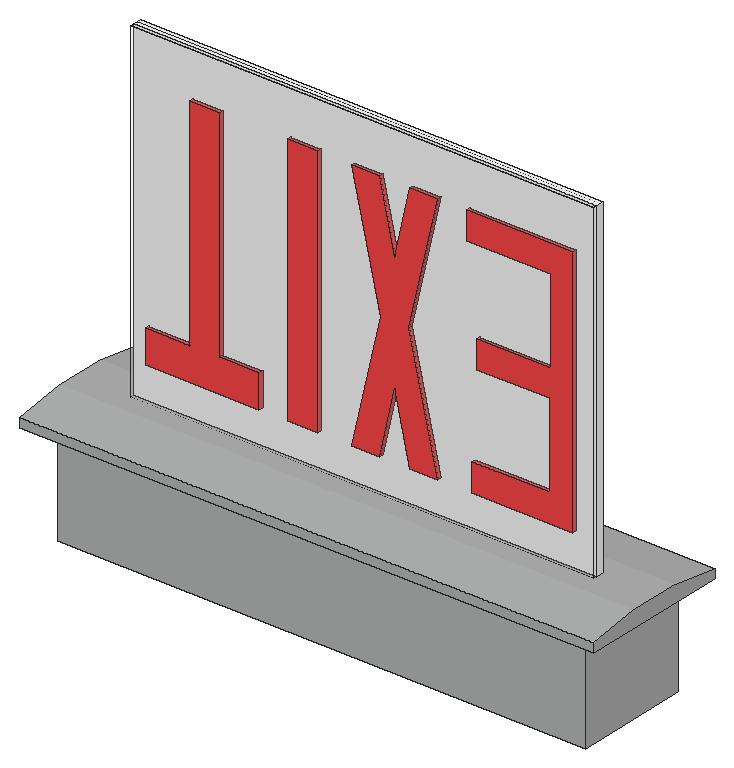
Revit family "CCEL", category Lighting Fixtures, host Face, Revit 2021
Family settings
  Host = Face
  Round Connector Dimension = Use Diameter
  Part Type = Normal
  OmniClass Number = 23.80.70.11.21
  OmniClass Title = Emergency Lighting
  Cut with Voids When Loaded = No
  Light Source = No
  Shared = No
  Room Calculation Point = No
Parameters (values of type "CCELRWA-NP")
  zz Length 1 [instance] = if([EXIT-Single Face], 0.200", 0.250")  # 0.200"
  Watts = 3.72 W
  Wattage Comments = "3.72 W"
  Warranty = "Fixture: 5 Years Full; Battery: 2 Years Full, 8 Years Pro-Rata"  # constant formula
  Wall Plate Material = Paint -  White Texture
  Voltage [instance] = if(Is 120VAC, 120 V, 277 V)  # 120 V
  URL = "https://www.currentlighting.com/dual-lite"
  Type Comments = "Exit Light"  # constant formula
  Surface = no
  STAIRS-Single Face = no
  STAIRS-Double Face = no
  Product Page URL = ""
  Product Documentation Link = ""
  EXIT-Single Face = yes
  Recessed = yes
  Model = "LED"  # constant formula
  Manufacturer = "DUAL-LITE"  # constant formula
  Load Classification = Lighting
  Lens = Red Glass
  Length = 0.450"
  Lamp = "LED Lamp"  # constant formula
  LED = End : C1
  Is 277VAC [instance] = not(Is 120VAC)  # no
  Is 120VAC [instance] = yes
  Holder Material = Paint -  White Texture
  Glass Length = 12.688"
  Glass = light Glass
  Finish = White
  Features = "Quick installation\r\n• Dual 120/277VAC input\r\n• Includes long-life 4.8VDC Nickel Cadmium battery\r\n• Full re-charge within 24 hours\r\n• AC-on and test switch\r\n• Fully automatic two-stage charger\r\n• Surface or Recessed models with STAIRS or EXIT"  # constant formula
  EXIT-Double Face = no
  Description = "The CCEL Series offers bright, even and highly reliable LED illumination with direction configurable STAIRS or EXIT acrylic panels. The surface mount housing is made of extruded aluminum and the recessed in 20 gage steel with satin aluminum or white finish. The surface mount design can be top, end or ceiling mounted by use of a supplied canopy. The recessed design can be ceiling or wall mounted by selection and includes a back-box."  # constant formula
  Default Elevation = 48.000"
  Certification = "UL 924 Listed\r\nNFPA 101 Life Safety Code\r\nCEC T20 Compliant"  # constant formula
  Application = "Conditional Space, Damp Location"  # constant formula
  Apparent Load = Watts  # 3.72 VA
Types (4): name | zz Length 1 | Surface | STAIRS-Single Face | EXIT-Single Face | Recessed | Length | Glass Length
  CCELRWA-NP | 0.200" | no | no | yes | yes | 0.450" | 12.688"
  CCELSWA-NP | 0.200" | yes | no | yes | no | 3.930" | 12.625"
  CCELSWA-NPS | 0.250" | yes | yes | no | no | 3.930" | 12.688"
  CCELRWA-NPS | 0.250" | no | yes | no | yes | 0.450" | 12.688"
Reference planes (in)
  plane 1 "Center (Front/Back)": y = 0
  plane 2: z = 0
  plane 3 "Center (Left/Right)": x = 0
  plane 4: y = -2.063
  plane 5: y = 2.063
  plane 6: y = -1.625
  plane 7: y = 1.625
  plane 8: x = -7.25
  plane 9: x = 7.25
  plane 10: x = -7.875
  plane 11: x = 7.875
  plane 12: z = 12.5
  plane 13: z = 0.45
Forms (in)
  Extrusion 1, solid, material "Paint -  White Texture" <- "Holder Material", visible <- "Recessed"
    sketch origin (-0.33698, -0.52448, 0) x (0, 1, 0) y (0, 0, 1)
      loop
        line (-1.03802, 0) -> (-1.03802, -2.78125) -> (2.10068, -2.78125) -> (2.10068, 0) -> (-1.03802, 0)
    from -6.91302 to 7.58698
  Extrusion 2, solid, material "Paint -  White Texture" <- "Holder Material", visible <- "Recessed"
    sketch origin (0, 0, 0) x (0, 1, 0) y (0, 0, 1)
      loop
        line (2.063, 0) -> (2.063, 0.25)
        arc (2.063, 0.25) -> (0, 0.49111) -> (-2.063, 0.25) r 8.94641
        line (-2.063, 0.25) -> (-2.063, 0) -> (2.063, 0)
    from -7.875 to 7.875
Dimensions and locks (in)
  "Length": plane 13 to plane 2
  plane 11 to plane 10 = 15.750"
  plane 9 to plane 8 = 14.500"
  plane 12 to plane 2 = 12.500"
  aligned and locked: plane 2 to host face
  aligned and locked: level to host face
  aligned and locked: nested 1 to plane 13
Automatic sketch dimensions
  host sketch curve to host sketch curve = 96.000"  (x2)
  Extrusion 1 sketch curve to level = 0.000"
  Extrusion 1 sketch curve to plane 6 = 0.0625"
  plane 7 to Extrusion 1 sketch curve = 0.0488"
  Extrusion 1 sketch curve to level = 2.78125"
  Extrusion 2 sketch curve to level = 0.000"
  Extrusion 2 sketch curve to plane 4 = 0.000"
  Extrusion 2 sketch curve to plane 1 "Center (Front/Back)" = 0.000"
  Extrusion 2 sketch curve to plane 5 = 0.000"
  Extrusion 2 sketch curve to level = 8.4553"
  Extrusion 2 sketch curve to Extrusion 2 sketch curve = 0.250"
Nested families (in)
  nested 1: "End" at (0, 0.0475, 0.45), type <- "LED", type "C1"
  nested 2: "Family1" at (-0.03575, 0.05055, 0) x (0, 1, 0) z (0, 0, 1), visible <- "Surface", type "Family1"
Connectors (in)
  electrical at (-0.33698, -0.33698, 0), driven by "Voltage", driven by "Apparent Load"
    settings: on Extrusion 1, index 1, voltage 120 V, apparent load 3.72 VA, apparent load phase1 0 VA, apparent load phase2 0 VA, apparent load phase3 0 VA, power factor 1, load classification "Other", number of poles 1, system type 30, power factor state 1, is connector primary yes, connector utility no, sub classification motor no, connector description "Lighting Connector"
Definition of nested family "End"
  Parameters
    Width = 0.438"
    Stair-Single Face = yes
    Stair- Double Face = no
    Single Face = yes
    Lens = none
    Length = 12.688"
    Glass = none
    Finish = none
    Double Face = no
    Default Elevation = 0.000"
  Reference planes (in)
    plane 1 "Center (Front/Back)": y = 0
    plane 2: z = 0
    plane 3 "Center (Left/Right)": x = 0
    plane 4: x = -6.344
    plane 5: x = 6.344
    plane 6: z = 9.125
    plane 7: y = 0.219
    plane 8: y = -0.219
    plane 9: y = -1.555
    plane 10: y = 1.555
    plane 11: y = 0.11
    plane 12: y = -0.11
  Forms (in)
    Extrusion 1, solid, material <- "Lens", visible <- "Single Face"
      sketch origin (0.42375, 0.02507, 0.36042) x (1, 0, 0) y (0, 0, 1)
        loop
          line (2.44401, 7.4803) -> (2.44401, 6.73013) -> (4.74153, 6.73013) -> (4.74153, 4.40538) -> (2.71474, 4.40538) -> (2.71474, 3.64754) -> (4.7182, 3.67524) -> (4.7182, 1.35469) -> (2.59077, 1.35469) -> (2.59077, 0.58117) -> (5.33701, 0.58117) -> (5.33701, 7.4803) -> (2.44401, 7.4803)
        loop
          line (0.84167, 4.03139) -> (1.63791, 7.4803) -> (0.89029, 7.4803) -> (0.46785, 5.65055) -> (0.04542, 7.4803) -> (-0.7022, 7.4803) -> (0.09404, 4.03139) -> (-0.7022, 0.58248) -> (0.04542, 0.58248) -> (0.46785, 2.41223) -> (0.89029, 0.58248) -> (1.63791, 0.58248) -> (0.84167, 4.03139)
        loop
          line (-2.46881, 7.49948) -> (-2.46881, 0.58248) -> (-1.64007, 0.58248) -> (-1.64007, 7.49948) -> (-2.46881, 7.49948)
        loop
          line (-3.24992, 0.58248) -> (-3.24992, 1.48783) -> (-4.32951, 1.48783) -> (-4.32951, 7.49948) -> (-5.15825, 7.49948) -> (-5.15825, 1.48783) -> (-6.35856, 1.48783) -> (-6.35856, 0.58248) -> (-3.24992, 0.58248)
      from 0.13507 to 0.24407
    Extrusion 2, solid, material <- "Glass", visible <- "Single Face"
      sketch origin (0.42375, 0.02507, 8.5275) x (-1, 0, 0) y (0, 0, -1)
        loop
          line (-5.92025, 8.5275) -> (-5.92025, -0.5975) -> (6.76775, -0.5975) -> (6.76775, 8.5275) -> (-5.92025, 8.5275)
      from 0.02507 to 0.24407
    Extrusion 3, solid, material <- "Lens", visible <- "Double Face"
      sketch origin (0.42375, 0.02507, 7.9025) x (-1, 0, 0) y (0, 0, 1)
        loop
          line (3.37335, -6.9596) -> (6.27385, -6.9596) -> (6.27385, -0.04259) -> (3.21029, -0.04259) -> (3.21029, -0.81811) -> (5.65343, -0.81811) -> (5.65343, -3.14682) -> (3.33458, -3.11476) -> (3.33458, -3.87671) -> (5.67683, -3.87671) -> (5.67683, -6.20748) -> (3.37335, -6.20748) -> (3.37335, -6.9596)
        loop
          line (2.31123, -6.95829) -> (1.50966, -3.4863) -> (2.31123, -0.01431) -> (1.52879, -0.01431) -> (1.14591, -1.67275) -> (0.76303, -0.01431) -> (-0.01941, -0.01431) -> (0.78216, -3.4863) -> (-0.01941, -6.95829) -> (0.76303, -6.95829) -> (1.14591, -5.29985) -> (1.52879, -6.95829) -> (2.31123, -6.95829)
        loop
          line (-1.97945, -6.97883) -> (-1.14856, -6.97883) -> (-1.14856, -0.0439) -> (-1.97945, -0.0439) -> (-1.97945, -6.97883)
        loop
          line (-5.70461, -6.97883) -> (-2.58791, -6.97883) -> (-2.58791, -6.07113) -> (-3.79133, -6.07113) -> (-3.79133, -0.0439) -> (-4.62222, -0.0439) -> (-4.62222, -6.07113) -> (-5.70461, -6.07113) -> (-5.70461, -6.97883)
      from 0.08493 to 0.19393
    Extrusion 4, solid, material <- "Glass", visible <- "Double Face"
      sketch origin (0.42375, 0.02507, 8.5275) x (-1, 0, 0) y (0, 0, 1)
        loop
          line (6.76775, 0.5975) -> (-5.92025, 0.5975) -> (-5.92025, -8.5275) -> (6.76775, -8.5275) -> (6.76775, 0.5975)
      from -0.02507 to 0.19393
    Extrusion 5, solid, material <- "Finish"
      sketch origin (0, 0, 0) x (1, 0, 0) y (0, 0, 1)
        loop
          line (-6.344, 9.125) -> (-6.344, 0) -> (6.344, 0) -> (6.344, 9.125) -> (-6.344, 9.125)
      from -0.11 to 0.11
    Extrusion 6, solid, material <- "Lens", visible <- "Stair-Single Face"
      sketch origin (0.42375, 0.02507, 10.36042) x (1, 0, 0) y (0, 0, 1)
        loop
          line (3.47606, -7.86678) -> (3.47606, -8.68042)
          arc (3.47606, -8.68042) -> (3.54929, -8.8572) -> (3.72606, -8.93042) r 0.25
          line (3.72606, -8.93042) -> (5.13201, -8.93042)
          arc (5.13201, -8.93042) -> (5.37529, -8.82965) -> (5.47606, -8.58637) r 0.34405
          line (5.47606, -8.58637) -> (5.47606, -6.01494)
          arc (5.47606, -6.01494) -> (5.36893, -5.7563) -> (5.1103, -5.64917) r 0.36576
          line (5.1103, -5.64917) -> (4.35433, -5.64917)
          arc (4.35433, -5.64917) -> (4.22099, -5.61065) -> (4.12874, -5.50693) r 0.25
          line (4.12874, -5.50693) -> (4.12874, -3.6707)
          arc (4.12874, -3.6707) -> (4.18048, -3.5458) -> (4.30537, -3.49407) r 0.17663
          line (4.30537, -3.49407) -> (4.50954, -3.49407)
          arc (4.50954, -3.49407) -> (4.59383, -3.52899) -> (4.62874, -3.61327) r 0.1192
          line (4.62874, -3.61327) -> (4.62874, -3.99407) -> (5.41326, -3.99407) -> (5.41326, -3.18042)
          arc (5.41326, -3.18042) -> (5.34004, -3.00365) -> (5.16326, -2.93042) r 0.25
          line (5.16326, -2.93042) -> (3.75731, -2.93042)
          arc (3.75731, -2.93042) -> (3.5989, -2.96907) -> (3.47606, -3.07631) r 0.34405
          line (3.47606, -3.07631) -> (3.47606, -6.08553)
          arc (3.47606, -6.08553) -> (3.54929, -6.2623) -> (3.72606, -6.33553) r 0.25
          line (3.72606, -6.33553) -> (4.51058, -6.33553)
          arc (4.51058, -6.33553) -> (4.68735, -6.40875) -> (4.76058, -6.58553) r 0.25
          line (4.76058, -6.58553) -> (4.76058, -8.19015)
          arc (4.76058, -8.19015) -> (4.70885, -8.31505) -> (4.58395, -8.36678) r 0.17663
          line (4.58395, -8.36678) -> (4.37978, -8.36678)
          arc (4.37978, -8.36678) -> (4.29549, -8.33186) -> (4.26058, -8.24758) r 0.1192
          line (4.26058, -8.24758) -> (4.26058, -7.86678) -> (3.47606, -7.86678)
        loop
          line (1.003, -8.89812) -> (3.20227, -8.89812) -> (3.20227, -8.01034) -> (2.45496, -8.01034) -> (2.45496, -2.93419) -> (1.78534, -2.93419) -> (1.78534, -8.01034) -> (1.003, -8.01034) -> (1.003, -8.89812)
        loop
          line (-0.96073, -8.92937) -> (-0.96073, -2.92638) -> (-1.63035, -2.92638) -> (-1.63035, -8.92937) -> (-0.96073, -8.92937)
        loop
          line (0.58499, -8.89812) -> (1.31773, -2.93042) -> (0.56773, -2.93042) -> (0.28164, -4.40222) -> (-0.06535, -2.93042) -> (-0.81535, -2.93042) -> (-0.1135, -8.89812) -> (0.58499, -8.89812)
        loop
          line (0.28913, -5.32874) -> (0.38115, -4.85534) -> (0.17752, -4.85534) -> (0.28913, -5.32874)
        loop
          line (-1.77573, -8.92937) -> (-1.77573, -2.92638) -> (-2.44535, -2.92638) -> (-2.44535, -4.8268) -> (-2.89378, -2.92473) -> (-3.64378, -2.92473) -> (-2.83966, -6.33553) -> (-3.35162, -6.33553)
          arc (-3.35162, -6.33553) -> (-3.59468, -6.43621) -> (-3.69535, -6.67927) r 0.34374
          line (-3.69535, -6.67927) -> (-3.69535, -8.67937)
          arc (-3.69535, -8.67937) -> (-3.62213, -8.85615) -> (-3.44535, -8.92937) r 0.25
          line (-3.44535, -8.92937) -> (-2.44535, -8.92937) -> (-1.77573, -8.92937)
        loop
          arc (-2.60998, -8.17937) -> (-2.49357, -8.13115) -> (-2.44535, -8.01475) r 0.16462
          line (-2.44535, -8.01475) -> (-2.44535, -7.09977)
          arc (-2.44535, -7.09977) -> (-2.49526, -6.97928) -> (-2.61576, -6.92937) r 0.1704
          line (-2.61576, -6.92937) -> (-2.94535, -6.92937)
          arc (-2.94535, -6.92937) -> (-3.12213, -7.00259) -> (-3.19535, -7.17937) r 0.25
          line (-3.19535, -7.17937) -> (-3.19535, -7.87829)
          arc (-3.19535, -7.87829) -> (-3.10717, -8.09119) -> (-2.89428, -8.17937) r 0.30108
          line (-2.89428, -8.17937) -> (-2.60998, -8.17937)
        loop
          line (-5.96144, -7.86678) -> (-5.96144, -8.68042)
          arc (-5.96144, -8.68042) -> (-5.88821, -8.8572) -> (-5.71144, -8.93042) r 0.25
          line (-5.71144, -8.93042) -> (-4.30549, -8.93042)
          arc (-4.30549, -8.93042) -> (-4.06221, -8.82965) -> (-3.96144, -8.58637) r 0.34405
          line (-3.96144, -8.58637) -> (-3.96144, -6.01494)
          arc (-3.96144, -6.01494) -> (-4.06857, -5.7563) -> (-4.3272, -5.64917) r 0.36576
          line (-4.3272, -5.64917) -> (-5.08317, -5.64917)
          arc (-5.08317, -5.64917) -> (-5.21651, -5.61065) -> (-5.30876, -5.50693) r 0.25
          line (-5.30876, -5.50693) -> (-5.30876, -3.6707)
          arc (-5.30876, -3.6707) -> (-5.25702, -3.5458) -> (-5.13213, -3.49407) r 0.17663
          line (-5.13213, -3.49407) -> (-4.92796, -3.49407)
          arc (-4.92796, -3.49407) -> (-4.84367, -3.52899) -> (-4.80876, -3.61327) r 0.1192
          line (-4.80876, -3.61327) -> (-4.80876, -3.99407) -> (-4.02424, -3.99407) -> (-4.02424, -3.18042)
          arc (-4.02424, -3.18042) -> (-4.09746, -3.00365) -> (-4.27424, -2.93042) r 0.25
          line (-4.27424, -2.93042) -> (-5.68019, -2.93042)
          arc (-5.68019, -2.93042) -> (-5.8386, -2.96907) -> (-5.96144, -3.07631) r 0.34405
          line (-5.96144, -3.07631) -> (-5.96144, -6.08553)
          arc (-5.96144, -6.08553) -> (-5.88821, -6.2623) -> (-5.71144, -6.33553) r 0.25
          line (-5.71144, -6.33553) -> (-4.92692, -6.33553)
          arc (-4.92692, -6.33553) -> (-4.75015, -6.40875) -> (-4.67692, -6.58553) r 0.25
          line (-4.67692, -6.58553) -> (-4.67692, -8.19015)
          arc (-4.67692, -8.19015) -> (-4.72865, -8.31505) -> (-4.85355, -8.36678) r 0.17663
          line (-4.85355, -8.36678) -> (-5.05772, -8.36678)
          arc (-5.05772, -8.36678) -> (-5.14201, -8.33186) -> (-5.17692, -8.24758) r 0.1192
          line (-5.17692, -8.24758) -> (-5.17692, -7.86678) -> (-5.96144, -7.86678)
      from 0.13507 to 0.24407
    Extrusion 7, solid, material <- "Lens", visible <- "Stair- Double Face"
      sketch origin (0.42375, 0.02507, 17.9025) x (-1, 0, 0) y (0, 0, 1)
        loop
          line (4.1674, -15.63469) -> (4.1674, -16.44834)
          arc (4.1674, -16.44834) -> (4.24062, -16.62512) -> (4.4174, -16.69834) r 0.25
          line (4.4174, -16.69834) -> (5.82334, -16.69834)
          arc (5.82334, -16.69834) -> (6.06663, -16.59757) -> (6.1674, -16.35429) r 0.34405
          line (6.1674, -16.35429) -> (6.1674, -13.78285)
          arc (6.1674, -13.78285) -> (6.06027, -13.52422) -> (5.80164, -13.41709) r 0.36576
          line (5.80164, -13.41709) -> (5.04566, -13.41709)
          arc (5.04566, -13.41709) -> (4.91232, -13.37856) -> (4.82008, -13.27485) r 0.25
          line (4.82008, -13.27485) -> (4.82008, -11.43861)
          arc (4.82008, -11.43861) -> (4.87181, -11.31372) -> (4.99671, -11.26199) r 0.17663
          line (4.99671, -11.26199) -> (5.20088, -11.26199)
          arc (5.20088, -11.26199) -> (5.28517, -11.2969) -> (5.32008, -11.38119) r 0.1192
          line (5.32008, -11.38119) -> (5.32008, -11.76199) -> (6.10459, -11.76199) -> (6.10459, -10.94834)
          arc (6.10459, -10.94834) -> (6.03137, -10.77156) -> (5.85459, -10.69834) r 0.25
          line (5.85459, -10.69834) -> (4.44865, -10.69834)
          arc (4.44865, -10.69834) -> (4.29023, -10.73698) -> (4.1674, -10.84422) r 0.34405
          line (4.1674, -10.84422) -> (4.1674, -13.85344)
          arc (4.1674, -13.85344) -> (4.24062, -14.03022) -> (4.4174, -14.10344) r 0.25
          line (4.4174, -14.10344) -> (5.20191, -14.10344)
          arc (5.20191, -14.10344) -> (5.37869, -14.17667) -> (5.45191, -14.35344) r 0.25
          line (5.45191, -14.35344) -> (5.45191, -15.95807)
          arc (5.45191, -15.95807) -> (5.40018, -16.08296) -> (5.27529, -16.13469) r 0.17663
          line (5.27529, -16.13469) -> (5.07111, -16.13469)
          arc (5.07111, -16.13469) -> (4.98683, -16.09978) -> (4.95191, -16.01549) r 0.1192
          line (4.95191, -16.01549) -> (4.95191, -15.63469) -> (4.1674, -15.63469)
        loop
          line (1.69433, -16.66604) -> (3.89361, -16.66604) -> (3.89361, -15.77826) -> (3.1463, -15.77826) -> (3.1463, -10.70211) -> (2.47667, -10.70211) -> (2.47667, -15.77826) -> (1.69433, -15.77826) -> (1.69433, -16.66604)
        loop
          line (-0.26939, -16.69729) -> (-0.26939, -10.6943) -> (-0.93902, -10.6943) -> (-0.93902, -16.69729) -> (-0.26939, -16.69729)
        loop
          line (1.27632, -16.66604) -> (2.00906, -10.69834) -> (1.25906, -10.69834) -> (0.97297, -12.17013) -> (0.62599, -10.69834) -> (-0.12401, -10.69834) -> (0.57784, -16.66604) -> (1.27632, -16.66604)
        loop
          line (0.98046, -13.09665) -> (1.07248, -12.62325) -> (0.86886, -12.62325) -> (0.98046, -13.09665)
        loop
          line (-1.0844, -16.69729) -> (-1.0844, -10.6943) -> (-1.75402, -10.6943) -> (-1.75402, -12.59472) -> (-2.20245, -10.69264) -> (-2.95245, -10.69264) -> (-2.14833, -14.10344) -> (-2.66028, -14.10344)
          arc (-2.66028, -14.10344) -> (-2.90334, -14.20412) -> (-3.00402, -14.44718) r 0.34374
          line (-3.00402, -14.44718) -> (-3.00402, -16.44729)
          arc (-3.00402, -16.44729) -> (-2.9308, -16.62406) -> (-2.75402, -16.69729) r 0.25
          line (-2.75402, -16.69729) -> (-1.75402, -16.69729) -> (-1.0844, -16.69729)
        loop
          arc (-1.91864, -15.94729) -> (-1.80224, -15.89907) -> (-1.75402, -15.78266) r 0.16462
          line (-1.75402, -15.78266) -> (-1.75402, -14.86769)
          arc (-1.75402, -14.86769) -> (-1.80393, -14.7472) -> (-1.92442, -14.69729) r 0.1704
          line (-1.92442, -14.69729) -> (-2.25402, -14.69729)
          arc (-2.25402, -14.69729) -> (-2.4308, -14.77051) -> (-2.50402, -14.94729) r 0.25
          line (-2.50402, -14.94729) -> (-2.50402, -15.64621)
          arc (-2.50402, -15.64621) -> (-2.41583, -15.8591) -> (-2.20294, -15.94729) r 0.30108
          line (-2.20294, -15.94729) -> (-1.91864, -15.94729)
        loop
          line (-5.2701, -15.63469) -> (-5.2701, -16.44834)
          arc (-5.2701, -16.44834) -> (-5.19688, -16.62512) -> (-5.0201, -16.69834) r 0.25
          line (-5.0201, -16.69834) -> (-3.61416, -16.69834)
          arc (-3.61416, -16.69834) -> (-3.37087, -16.59757) -> (-3.2701, -16.35429) r 0.34405
          line (-3.2701, -16.35429) -> (-3.2701, -13.78285)
          arc (-3.2701, -13.78285) -> (-3.37723, -13.52422) -> (-3.63586, -13.41709) r 0.36576
          line (-3.63586, -13.41709) -> (-4.39184, -13.41709)
          arc (-4.39184, -13.41709) -> (-4.52518, -13.37856) -> (-4.61742, -13.27485) r 0.25
          line (-4.61742, -13.27485) -> (-4.61742, -11.43861)
          arc (-4.61742, -11.43861) -> (-4.56569, -11.31372) -> (-4.44079, -11.26199) r 0.17663
          line (-4.44079, -11.26199) -> (-4.23662, -11.26199)
          arc (-4.23662, -11.26199) -> (-4.15233, -11.2969) -> (-4.11742, -11.38119) r 0.1192
          line (-4.11742, -11.38119) -> (-4.11742, -11.76199) -> (-3.33291, -11.76199) -> (-3.33291, -10.94834)
          arc (-3.33291, -10.94834) -> (-3.40613, -10.77156) -> (-3.58291, -10.69834) r 0.25
          line (-3.58291, -10.69834) -> (-4.98885, -10.69834)
          arc (-4.98885, -10.69834) -> (-5.14727, -10.73698) -> (-5.2701, -10.84422) r 0.34405
          line (-5.2701, -10.84422) -> (-5.2701, -13.85344)
          arc (-5.2701, -13.85344) -> (-5.19688, -14.03022) -> (-5.0201, -14.10344) r 0.25
          line (-5.0201, -14.10344) -> (-4.23559, -14.10344)
          arc (-4.23559, -14.10344) -> (-4.05881, -14.17667) -> (-3.98559, -14.35344) r 0.25
          line (-3.98559, -14.35344) -> (-3.98559, -15.95807)
          arc (-3.98559, -15.95807) -> (-4.03732, -16.08296) -> (-4.16221, -16.13469) r 0.17663
          line (-4.16221, -16.13469) -> (-4.36639, -16.13469)
          arc (-4.36639, -16.13469) -> (-4.45067, -16.09978) -> (-4.48559, -16.01549) r 0.1192
          line (-4.48559, -16.01549) -> (-4.48559, -15.63469) -> (-5.2701, -15.63469)
      from 0.08493 to 0.19393
  Dimensions and locks (in)
    Extrusion 4 to Extrusion 2 = 0.438"
    plane 6 to level = 9.125"
    "Width": plane 8 to plane 7
    plane 9 to plane 10 = 3.110"
    equal spacing: plane 8, plane 1 "Center (Front/Back)", plane 7
    "Length": plane 5 to plane 4
    equal spacing: plane 5, plane 3 "Center (Left/Right)", plane 4
    aligned and locked: plane 2 to level
    aligned and locked: plane 6 to Extrusion 2
    aligned and locked: plane 6 to Extrusion 5
    aligned and locked: plane 6 to Extrusion 4
    aligned and locked: plane 5 to Extrusion 2
    aligned and locked: plane 5 to Extrusion 5
    aligned and locked: plane 5 to Extrusion 4
    aligned and locked: Extrusion 2 to plane 4
    aligned and locked: Extrusion 5 to plane 4
    aligned and locked: Extrusion 4 to plane 4
  Automatic sketch dimensions
    plane 4 to Extrusion 1 sketch curve = 0.40919"
    plane 4 to Extrusion 1 sketch curve = 1.6095"
    Extrusion 1 sketch curve to Extrusion 1 sketch curve = 0.82874"  (x2)
    Extrusion 1 sketch curve to Extrusion 1 sketch curve = 1.07959"
    Extrusion 1 sketch curve to Extrusion 1 sketch curve = 1.8607"
    Extrusion 1 sketch curve to plane 3 "Center (Left/Right)" = 0.27845"  (x2)
    plane 3 "Center (Left/Right)" to Extrusion 1 sketch curve = 0.46917"  (x2)
    plane 3 "Center (Left/Right)" to Extrusion 1 sketch curve = 0.51779"
    plane 3 "Center (Left/Right)" to Extrusion 1 sketch curve = 0.8916"  (x2)
    Extrusion 1 sketch curve to Extrusion 1 sketch curve = 0.74763"  (x3)
    Extrusion 1 sketch curve to Extrusion 1 sketch curve = 0.84486"  (x2)
    level to Extrusion 1 sketch curve = 0.9429"  (x3)
    Extrusion 1 sketch curve to Extrusion 1 sketch curve = 0.8061"
    Extrusion 1 sketch curve to Extrusion 1 sketch curve = 0.95286"
    Extrusion 1 sketch curve to Extrusion 1 sketch curve = 1.87307"
    Extrusion 1 sketch curve to plane 5 = 1.20205"
    Extrusion 1 sketch curve to plane 5 = 1.17872"
    Extrusion 1 sketch curve to plane 5 = 0.58324"
    level to Extrusion 1 sketch curve = 0.94159"
    Extrusion 1 sketch curve to Extrusion 1 sketch curve = 0.000"  (x2)
    Extrusion 1 sketch curve to Extrusion 1 sketch curve = 0.77352"
    Extrusion 1 sketch curve to Extrusion 1 sketch curve = 0.90536"  (x2)
    Extrusion 1 sketch curve to Extrusion 1 sketch curve = 1.82975"
    Extrusion 1 sketch curve to Extrusion 1 sketch curve = 2.29285"
    Extrusion 1 sketch curve to Extrusion 1 sketch curve = 0.0277"
    Extrusion 1 sketch curve to Extrusion 1 sketch curve = 1.61916"  (x2)
    Extrusion 1 sketch curve to Extrusion 1 sketch curve = 0.73014"
    Extrusion 1 sketch curve to plane 6 = 2.03445"
    Extrusion 1 sketch curve to plane 6 = 1.28427"  (x2)
    Extrusion 1 sketch curve to Extrusion 1 sketch curve = 0.75018"
    Extrusion 1 sketch curve to plane 6 = 1.26509"  (x2)
    Extrusion 2 sketch curve to plane 5 = 0.000"
    Extrusion 2 sketch curve to plane 4 = 0.000"
    Extrusion 2 sketch curve to plane 6 = 0.000"
    Extrusion 2 sketch curve to level = 0.000"
    Extrusion 3 sketch curve to plane 5 = 0.21564"
    Extrusion 3 sketch curve to Extrusion 3 sketch curve = 1.08239"
    Extrusion 3 sketch curve to Extrusion 3 sketch curve = 0.83089"  (x2)
    Extrusion 3 sketch curve to Extrusion 3 sketch curve = 1.20341"
    Extrusion 3 sketch curve to Extrusion 3 sketch curve = 1.81188"
    plane 3 "Center (Left/Right)" to Extrusion 3 sketch curve = 0.44316"  (x2)
    Extrusion 3 sketch curve to plane 3 "Center (Left/Right)" = 0.33928"  (x2)
    Extrusion 3 sketch curve to plane 3 "Center (Left/Right)" = 0.35841"
    Extrusion 3 sketch curve to plane 3 "Center (Left/Right)" = 0.72216"  (x2)
    Extrusion 3 sketch curve to Extrusion 3 sketch curve = 0.72749"
    Extrusion 3 sketch curve to Extrusion 3 sketch curve = 0.76576"  (x2)
    Extrusion 3 sketch curve to Extrusion 3 sketch curve = 0.78244"  (x2)
    Extrusion 3 sketch curve to Extrusion 3 sketch curve = 0.89906"
    Extrusion 3 sketch curve to Extrusion 3 sketch curve = 1.82492"
    Extrusion 3 sketch curve to Extrusion 3 sketch curve = 1.06212"
    plane 4 to Extrusion 3 sketch curve = 1.11432"
    plane 4 to Extrusion 3 sketch curve = 1.09092"
    plane 4 to Extrusion 3 sketch curve = 0.4939"
    level to Extrusion 3 sketch curve = 0.92367"
    Extrusion 3 sketch curve to Extrusion 3 sketch curve = 0.000"  (x4)
    level to Extrusion 3 sketch curve = 0.9429"
    level to Extrusion 3 sketch curve = 0.94421"
    Extrusion 3 sketch curve to Extrusion 3 sketch curve = 0.75212"
    Extrusion 3 sketch curve to Extrusion 3 sketch curve = 0.9077"
    Extrusion 3 sketch curve to Extrusion 3 sketch curve = 1.65844"
    Extrusion 3 sketch curve to Extrusion 3 sketch curve = 2.33077"
    Extrusion 3 sketch curve to Extrusion 3 sketch curve = 1.81355"  (x2)
    Extrusion 3 sketch curve to Extrusion 3 sketch curve = 0.72989"
    Extrusion 3 sketch curve to Extrusion 3 sketch curve = 0.76195"
    Extrusion 3 sketch curve to plane 6 = 2.04061"
    Extrusion 3 sketch curve to plane 6 = 1.2664"  (x2)
    Extrusion 3 sketch curve to Extrusion 3 sketch curve = 0.77552"
    Extrusion 3 sketch curve to Extrusion 3 sketch curve = 0.02828"
    Extrusion 3 sketch curve to Extrusion 3 sketch curve = 0.02959"
    Extrusion 4 sketch curve to plane 5 = 0.000"
    Extrusion 4 sketch curve to level = 0.000"
    Extrusion 4 sketch curve to plane 4 = 0.000"
    Extrusion 4 sketch curve to plane 6 = 0.000"
    Extrusion 5 sketch curve to level = 0.000"
    Extrusion 5 sketch curve to plane 4 = 0.000"
    Extrusion 5 sketch curve to plane 5 = 0.000"
    Extrusion 5 sketch curve to plane 6 = 0.000"
    plane 4 to Extrusion 6 sketch curve = 0.80631"  (x2)
    Extrusion 6 sketch curve to Extrusion 6 sketch curve = 0.250"  (x11)
    Extrusion 6 sketch curve to Extrusion 6 sketch curve = 0.28125"  (x2)
    Extrusion 6 sketch curve to Extrusion 6 sketch curve = 0.37143"  (x2)
    Extrusion 6 sketch curve to Extrusion 6 sketch curve = 0.78451"  (x3)
    Extrusion 6 sketch curve to Extrusion 6 sketch curve = 0.17663"  (x2)
    Extrusion 6 sketch curve to Extrusion 6 sketch curve = 0.22558"  (x2)
    Extrusion 6 sketch curve to Extrusion 6 sketch curve = 0.1192"  (x4)
    Extrusion 6 sketch curve to Extrusion 6 sketch curve = 0.20417"  (x4)
    Extrusion 6 sketch curve to Extrusion 6 sketch curve = 0.75597"
    Extrusion 6 sketch curve to Extrusion 6 sketch curve = 0.65371"
    Extrusion 6 sketch curve to Extrusion 6 sketch curve = 0.36576"  (x2)
    Extrusion 6 sketch curve to Extrusion 6 sketch curve = 0.26608"
    Extrusion 6 sketch curve to Extrusion 6 sketch curve = 0.38046"
    Extrusion 6 sketch curve to Extrusion 6 sketch curve = 0.34374"
    Extrusion 6 sketch curve to Extrusion 6 sketch curve = 0.30108"
    Extrusion 6 sketch curve to Extrusion 6 sketch curve = 0.750"  (x2)
    Extrusion 6 sketch curve to Extrusion 6 sketch curve = 0.51195"
    Extrusion 6 sketch curve to Extrusion 6 sketch curve = 0.3296"
    Extrusion 6 sketch curve to Extrusion 6 sketch curve = 0.2843"
    Extrusion 6 sketch curve to Extrusion 6 sketch curve = 0.39431"
    Extrusion 6 sketch curve to Extrusion 6 sketch curve = 0.1704"
    Extrusion 6 sketch curve to Extrusion 6 sketch curve = 0.16462"
    Extrusion 6 sketch curve to Extrusion 6 sketch curve = 0.66962"  (x2)
    Extrusion 6 sketch curve to Extrusion 6 sketch curve = 0.14538"  (x2)
    Extrusion 6 sketch curve to plane 3 "Center (Left/Right)" = 0.53698"
    plane 3 "Center (Left/Right)" to Extrusion 6 sketch curve = 0.31025"
    plane 3 "Center (Left/Right)" to Extrusion 6 sketch curve = 0.3584"
    plane 3 "Center (Left/Right)" to Extrusion 6 sketch curve = 0.60127"
    Extrusion 6 sketch curve to Extrusion 6 sketch curve = 0.10412"
    Extrusion 6 sketch curve to Extrusion 6 sketch curve = 0.11161"
    Extrusion 6 sketch curve to Extrusion 6 sketch curve = 0.20363"
    Extrusion 6 sketch curve to Extrusion 6 sketch curve = 0.63307"
    Extrusion 6 sketch curve to Extrusion 6 sketch curve = 0.69848"
    Extrusion 6 sketch curve to Extrusion 6 sketch curve = 0.41801"
    Extrusion 6 sketch curve to Extrusion 6 sketch curve = 0.78234"
    Extrusion 6 sketch curve to Extrusion 6 sketch curve = 0.74731"
    Extrusion 6 sketch curve to Extrusion 6 sketch curve = 0.27379"
    Extrusion 6 sketch curve to Extrusion 6 sketch curve = 0.000"  (x5)
    Extrusion 6 sketch curve to Extrusion 6 sketch curve = 0.40268"
    Extrusion 6 sketch curve to Extrusion 6 sketch curve = 0.15625"
    Extrusion 6 sketch curve to Extrusion 6 sketch curve = 0.34972"
    Extrusion 6 sketch curve to Extrusion 6 sketch curve = 0.54806"
    Extrusion 6 sketch curve to Extrusion 6 sketch curve = 0.53451"
    level to Extrusion 6 sketch curve = 1.430"  (x2)
    level to Extrusion 6 sketch curve = 1.43105"
    level to Extrusion 6 sketch curve = 1.4623"
    Extrusion 6 sketch curve to Extrusion 6 sketch curve = 0.21959"  (x2)
    Extrusion 6 sketch curve to Extrusion 6 sketch curve = 0.500"
    Extrusion 6 sketch curve to Extrusion 6 sketch curve = 0.88778"
    Extrusion 6 sketch curve to Extrusion 6 sketch curve = 0.67008"
    Extrusion 6 sketch curve to Extrusion 6 sketch curve = 0.3808"  (x2)
    Extrusion 6 sketch curve to Extrusion 6 sketch curve = 0.69892"
    Extrusion 6 sketch curve to Extrusion 6 sketch curve = 0.2501"
    Extrusion 6 sketch curve to Extrusion 6 sketch curve = 0.09374"
    Extrusion 6 sketch curve to Extrusion 6 sketch curve = 1.28125"
    Extrusion 6 sketch curve to Extrusion 6 sketch curve = 0.57059"
    Extrusion 6 sketch curve to Extrusion 6 sketch curve = 0.32059"
    Extrusion 6 sketch curve to Extrusion 6 sketch curve = 0.14224"  (x2)
    Extrusion 6 sketch curve to Extrusion 6 sketch curve = 2.68161"
    Extrusion 6 sketch curve to Extrusion 6 sketch curve = 0.4734"
    Extrusion 6 sketch curve to Extrusion 6 sketch curve = 1.50872"
    Extrusion 6 sketch curve to Extrusion 6 sketch curve = 0.45312"
    Extrusion 6 sketch curve to Extrusion 6 sketch curve = 1.4051"
    Extrusion 6 sketch curve to Extrusion 6 sketch curve = 1.6551"
    Extrusion 6 sketch curve to Extrusion 6 sketch curve = 0.32337"  (x2)
    Extrusion 6 sketch curve to Extrusion 6 sketch curve = 0.39622"  (x2)
    Extrusion 6 sketch curve to Extrusion 6 sketch curve = 0.43285"  (x2)
    Extrusion 6 sketch curve to Extrusion 6 sketch curve = 0.14211"
    Extrusion 6 sketch curve to Extrusion 6 sketch curve = 1.47179"
    Extrusion 6 sketch curve to Extrusion 6 sketch curve = 0.00404"
    Extrusion 6 sketch curve to Extrusion 6 sketch curve = 0.2557"
    plane 4 to Extrusion 7 sketch curve = 12.03785"
    Extrusion 7 sketch curve to Extrusion 7 sketch curve = 0.000"  (x4)
    Extrusion 7 sketch curve to Extrusion 7 sketch curve = 0.250"  (x8)
    Extrusion 7 sketch curve to Extrusion 7 sketch curve = 0.28125"  (x2)
    Extrusion 7 sketch curve to Extrusion 7 sketch curve = 0.37143"  (x2)
    Extrusion 7 sketch curve to Extrusion 7 sketch curve = 0.78451"  (x5)
    Extrusion 7 sketch curve to Extrusion 7 sketch curve = 0.17663"  (x3)
    Extrusion 7 sketch curve to Extrusion 7 sketch curve = 0.22558"  (x2)
    Extrusion 7 sketch curve to Extrusion 7 sketch curve = 0.1192"  (x4)
    Extrusion 7 sketch curve to Extrusion 7 sketch curve = 0.20417"  (x4)
    Extrusion 7 sketch curve to Extrusion 7 sketch curve = 0.15625"
    Extrusion 7 sketch curve to Extrusion 7 sketch curve = 0.34972"
    Extrusion 7 sketch curve to Extrusion 7 sketch curve = 0.53451"  (x2)
    Extrusion 7 sketch curve to Extrusion 7 sketch curve = 0.36576"  (x2)
    Extrusion 7 sketch curve to Extrusion 7 sketch curve = 0.26608"
    Extrusion 7 sketch curve to Extrusion 7 sketch curve = 0.38046"
    Extrusion 7 sketch curve to Extrusion 7 sketch curve = 0.34374"
    Extrusion 7 sketch curve to Extrusion 7 sketch curve = 0.30108"
    Extrusion 7 sketch curve to Extrusion 7 sketch curve = 0.750"  (x3)
    Extrusion 7 sketch curve to plane 6 = 5.32594"
    Extrusion 7 sketch curve to Extrusion 7 sketch curve = 0.51195"
    Extrusion 7 sketch curve to Extrusion 7 sketch curve = 0.3296"
    Extrusion 7 sketch curve to Extrusion 7 sketch curve = 0.2843"
    Extrusion 7 sketch curve to Extrusion 7 sketch curve = 0.39431"
    Extrusion 7 sketch curve to Extrusion 7 sketch curve = 0.16462"  (x2)
    Extrusion 7 sketch curve to Extrusion 7 sketch curve = 0.66962"  (x3)
    Extrusion 7 sketch curve to Extrusion 7 sketch curve = 0.14538"  (x2)
    Extrusion 7 sketch curve to Extrusion 7 sketch curve = 0.84723"
    Extrusion 7 sketch curve to plane 6 = 3.84575"
    Extrusion 7 sketch curve to Extrusion 7 sketch curve = 0.24287"
    Extrusion 7 sketch curve to Extrusion 7 sketch curve = 0.10412"
    Extrusion 7 sketch curve to plane 6 = 4.31915"
    Extrusion 7 sketch curve to Extrusion 7 sketch curve = 0.11161"
    Extrusion 7 sketch curve to Extrusion 7 sketch curve = 0.20363"
    Extrusion 7 sketch curve to Extrusion 7 sketch curve = 0.63307"
    Extrusion 7 sketch curve to Extrusion 7 sketch curve = 0.69848"
    Extrusion 7 sketch curve to Extrusion 7 sketch curve = 0.41801"
    Extrusion 7 sketch curve to Extrusion 7 sketch curve = 0.46761"
    Extrusion 7 sketch curve to Extrusion 7 sketch curve = 0.74731"
    Extrusion 7 sketch curve to Extrusion 7 sketch curve = 0.27379"  (x2)
    Extrusion 7 sketch curve to Extrusion 7 sketch curve = 0.40268"
    Extrusion 7 sketch curve to Extrusion 7 sketch curve = 0.75597"
    Extrusion 7 sketch curve to Extrusion 7 sketch curve = 0.54806"
    Extrusion 7 sketch curve to Extrusion 7 sketch curve = 0.59384"
    Extrusion 7 sketch curve to Extrusion 7 sketch curve = 1.18751"
    Extrusion 7 sketch curve to plane 6 = 6.85719"
    Extrusion 7 sketch curve to Extrusion 7 sketch curve = 0.69892"
    Extrusion 7 sketch curve to Extrusion 7 sketch curve = 0.14357"
    Extrusion 7 sketch curve to Extrusion 7 sketch curve = 0.32337"  (x4)
    Extrusion 7 sketch curve to Extrusion 7 sketch curve = 0.39622"  (x4)
    Extrusion 7 sketch curve to Extrusion 7 sketch curve = 0.093"
    Extrusion 7 sketch curve to Extrusion 7 sketch curve = 0.88778"
    Extrusion 7 sketch curve to Extrusion 7 sketch curve = 0.21769"
    Extrusion 7 sketch curve to Extrusion 7 sketch curve = 1.28125"
    Extrusion 7 sketch curve to Extrusion 7 sketch curve = 0.09374"
    Extrusion 7 sketch curve to Extrusion 7 sketch curve = 0.57059"  (x2)
    Extrusion 7 sketch curve to Extrusion 7 sketch curve = 0.14224"  (x2)
    Extrusion 7 sketch curve to Extrusion 7 sketch curve = 1.50872"
    Extrusion 7 sketch curve to Extrusion 7 sketch curve = 0.45312"
    Extrusion 7 sketch curve to Extrusion 7 sketch curve = 1.6551"
    Extrusion 7 sketch curve to Extrusion 7 sketch curve = 1.4051"
    Extrusion 7 sketch curve to Extrusion 7 sketch curve = 0.81365"  (x2)
    Extrusion 7 sketch curve to Extrusion 7 sketch curve = 0.14211"
    Extrusion 7 sketch curve to Extrusion 7 sketch curve = 1.47179"
    Extrusion 7 sketch curve to Extrusion 7 sketch curve = 0.00377"
    Extrusion 7 sketch curve to Extrusion 7 sketch curve = 0.00404"
    Extrusion 7 sketch curve to Extrusion 7 sketch curve = 0.2557"
Definition of nested family "Family1"
  Parameters
    Wall Holding = none
    L = 12.630"
    Default Elevation = 0.000"
  Reference planes (in)
    plane 1 "Center (Front/Back)": y = 0
    plane 2: z = 0
    plane 3 "Center (Left/Right)": x = 0
    plane 4: y = 6.315
    plane 5: y = -6.315
    plane 6: x = -2.19
    plane 7: x = 2.19
  Forms (in)
    Extrusion 1, solid, material <- "Wall Holding"
      sketch origin (0, 0, 0) x (1, 0, 0) y (0, 0, 1)
        loop
          line (-2.19, 0) -> (2.19, 0)
          arc (2.19, 0) -> (2.08934, 0.38731) -> (1.75982, 0.61436) r 0.57318
          arc (1.75982, 0.61436) -> (1.50982, 0.61812) -> (1.25982, 0.61436) r 8.31405
          arc (1.25982, 0.61436) -> (0.93727, 0.72842) -> (0.63668, 0.8918) r 2.1682
          line (0.63668, 0.8918) -> (0.5157, 0.8918) -> (0.70091, 1.17701) -> (0.70091, 3.60639)
          arc (0.70091, 3.60639) -> (0.60701, 3.8331) -> (0.38029, 3.92701) r 0.32062
          line (0.38029, 3.92701) -> (0, 3.92701) -> (-0.38029, 3.92701)
          arc (-0.38029, 3.92701) -> (-0.60701, 3.8331) -> (-0.70091, 3.60639) r 0.32062
          line (-0.70091, 3.60639) -> (-0.70091, 1.17701) -> (-0.5157, 0.8918) -> (-0.63668, 0.8918)
          arc (-0.63668, 0.8918) -> (-0.93727, 0.72842) -> (-1.25982, 0.61436) r 2.1682
          arc (-1.25982, 0.61436) -> (-1.50982, 0.61812) -> (-1.75982, 0.61436) r 8.31405
          arc (-1.75982, 0.61436) -> (-2.08934, 0.38731) -> (-2.19, 0) r 0.57318
      from -6.315 to 6.315
  Dimensions and locks (in)
    equal spacing: plane 4, plane 1 "Center (Front/Back)", plane 5
    "L": plane 4 to plane 5
    aligned and locked: level to plane 2
  Automatic sketch dimensions
    Extrusion 1 sketch curve to level = 0.000"
    Extrusion 1 sketch curve to plane 6 = 0.000"
    Extrusion 1 sketch curve to plane 3 "Center (Left/Right)" = 0.000"
    Extrusion 1 sketch curve to plane 7 = 0.000"
    plane 6 to Extrusion 1 sketch curve = 0.37084"
    level to Extrusion 1 sketch curve = 0.05854"  (x2)
    plane 6 to Extrusion 1 sketch curve = 0.57018"
    plane 6 to Extrusion 1 sketch curve = 0.68018"
    Extrusion 1 sketch curve to plane 3 "Center (Left/Right)" = 0.70091"
    Extrusion 1 sketch curve to Extrusion 1 sketch curve = 0.06423"
    Extrusion 1 sketch curve to Extrusion 1 sketch curve = 0.12099"  (x2)
    Extrusion 1 sketch curve to Extrusion 1 sketch curve = 0.32062"  (x2)
    plane 3 "Center (Left/Right)" to Extrusion 1 sketch curve = 0.38029"
    plane 3 "Center (Left/Right)" to Extrusion 1 sketch curve = 0.5157"
    Extrusion 1 sketch curve to plane 7 = 0.68018"
    Extrusion 1 sketch curve to plane 7 = 0.57018"
    Extrusion 1 sketch curve to plane 7 = 0.37084"
    Extrusion 1 sketch curve to level = 7.69593"
    Extrusion 1 sketch curve to Extrusion 1 sketch curve = 0.000"
    level to Extrusion 1 sketch curve = 0.8918"  (x2)
    Extrusion 1 sketch curve to Extrusion 1 sketch curve = 0.28521"  (x2)
    Extrusion 1 sketch curve to Extrusion 1 sketch curve = 1.53216"  (x2)
    Extrusion 1 sketch curve to Extrusion 1 sketch curve = 0.89721"
    plane 6 to Extrusion 1 sketch curve = 0.43018"
    level to Extrusion 1 sketch curve = 0.61436"
